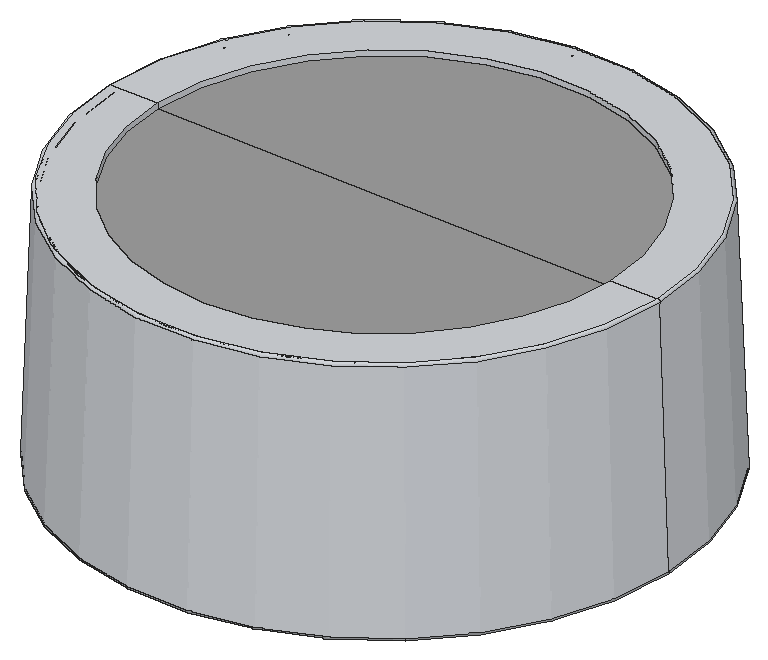
Revit family "0030446", category Lighting Fixtures, host Face, Revit 2017
Family settings
  Host = Face
  Round Connector Dimension = Use Diameter
  Part Type = Normal
  OmniClass Number = 23.80.70.00
  OmniClass Title = Lighting
  Cut with Voids When Loaded = No
  Light Source = Yes
  Shared = No
  Room Calculation Point = No
Parameters (values of type "0030446 ST DOWNLIGHT 220 1950LM 830 SURFACE")
  Weight = "6.416 kg"
  Wattage Comments = ""
  Wattage = 21 W
  WarrantyStartDate [instance] = "n/a"
  WarrantyGuarantorParts = "n/a"
  WarrantyDurationUnit = "n/a"
  WarrantyDurationParts = "n/a"
  WarrantyDescription = "n/a"
  built-in parameter 1150110 = 1 (stored number, unit not read)
  Voltage = 0 V
  URL = "http://www.sylvania-lighting.com"
  TypeName = "START Downlight 220 1950lm 830 Surface"
  Type Image = <None>
  Type Comments = "n/a"
  built-in parameter 1114217 = 1 (stored number, unit not read)
  Tilt Angle = -90.00°
  built-in parameter 1150109 = 1 (stored number, unit not read)
  built-in parameter 1150134 = (empty or 0)
  TOP_RAD_SYL = if([0_S_SYL], 79 mm, 106.5 mm)  # 106.5 mm
  built-in parameter 1150113 = 1 (stored number, unit not read)
  SerialNumber [instance] = "n/a"
  Photometric Web File = "0030446.ies"
  PLATE_THICKNESS_SYL = 2 mm
  Material_3_SYL = none
  PowerFactor = 0.9
  PowerConsumption = "21 W"
  NominalLength = 220 mm
  NominalHeight = 95 mm
  NominalDepth = 220 mm
  Name = "START Downlight 220 1950lm 830 Surface"
  ModelReference = Name  # "START Downlight 220 1950lm 830 Surface"
  ModelNumber = "0030446"
  Model = Name  # "START Downlight 220 1950lm 830 Surface"
  Material = "aluminium housing, pc polycarbonate diffuser"
  ManufacturerName = "Feilo Sylvania"
  Manufacturer = "Feilo Sylvania"
  LuminousEfficacy = "93 lm/W"
  built-in parameter 1150105 = 1089.6 (stored number, unit not read)
  Lumens = 1953 lm
  LuminaireType = ""
  built-in parameter 1150115 = 1 (stored number, unit not read)
  LightOutputRatio = "n/a"
  built-in parameter 1150137 = (empty or 0)
  built-in parameter 1150139 = (empty or 0)
  LampsType = Lamp  # "LED"
  LampNominalLuminous = "1950 lm"
  LampMacAdamStep = "5"
  LampColourTemperature = "3000 K"
  LampColourRenderingIndex = "80"
  built-in parameter 1150112 = 1 (stored number, unit not read)
  built-in parameter 1150114 = 1 (stored number, unit not read)
  Lamp = "LED"
  LUM_RAD_SYL = if([0_S_SYL], 40 mm, 53 mm)  # 53 mm
  LUM_H_SYL = if([0_S_SYL], 42 mm, 53.5 mm)  # 53.5 mm
  LUM_CHAMFER_SYL = 3.5 mm
  Keynote = "16500"
  InstallationDate [instance] = "n/a"
  InputVoltage = "n/a"
  InputNominalFrequency = "n/a"
  built-in parameter 1150132 = (empty or 0)
  built-in parameter 1150102 = (empty or 0)
  built-in parameter 1150107 = 3000 (stored number, unit not read)
  built-in parameter 1150138 = (empty or 0)
  IngressProtection = "IP20"
  ImpactProtectionIndex = "IK07"
  built-in parameter 1150106 = 10.896 (stored number, unit not read)
  IfcExportType = "IfcLightFixtureType"
  IfcExportAs = "IfcLightFixtureType"
  HEIGHT_SYL = 94 mm
  Emit from Circle Diameter = 609.6 mm
  Emit Shape Visible in Rendering = no
  ElectricShockClassification = "Class II"
  built-in parameter 1150104 = 8.64 (stored number, unit not read)
  DocumentationLiterature = "http://www.sylvania-lighting.com/product/en-int/products/0030446"
  DimmingControlOptions = "n/a"
  Material_2_SYL = none
  Dimming Lamp Color Temperature Shift = <None>
  Description = "Surface mounted LED downlight with diameter size of 220mm. Ideal replacement for 1x42W CFL downlights. The polycarbonate diffuser allows for a wider light distribution and increased spacings between luminiares. Loop in loop out connector allows for quick installation. Die-cast aluminium body, 1950LM, 21W, 98lm/W, 3000K, Driver Current: 600mA, CRI80, Non-dimmable LED driver, IP20, IK07, 50,000 hrs (L70), (HxW) 94x220mm, Class 2,  220-240V, energy class: A++, A+, A"
  Default Elevation = 1219.2 mm
  DIF_RAD_SYL = if([0_S_SYL], 60 mm, 87.5 mm)  # 87.5 mm
  CreatedOn = "12/12/2020"
  CreatedBy = "@sylvania-lighting.com"
  Cost = 0
  Color Filter = 16777215
  built-in parameter 1114216 [instance] = (empty or 0)
  ClassificationValue = "EF_70_80"
  ClassificationName = "Uniclass2015"
  Material_1_SYL = Default
  BarCode [instance] = "n/a"
  built-in parameter 1114218 = 1 (stored number, unit not read)
  BOTTOM_RAD_SYL = if([0_S_SYL], 81.8 mm, 110 mm)  # 110 mm
  BOTTOM_RAD2_SYL = BOTTOM_RAD_SYL - 2 mm  # 108 mm
  built-in parameter 1150133 = 10 (stored number, unit not read)
  AssetType = "Fixed"
  AssetIdentifier [instance] = "n/a"
  Assembly Code = "D5020200"
  Apparent Load = 21 VA
  Material_4_SYL = none
  0_S_SYL = no
  0_M_SYL = yes
Types (4, lengths in mm): name | Weight | Wattage | TypeName | built-in parameter 1150134 | TOP_RAD_SYL | Photometric Web File | PowerConsumption | NominalLength | NominalDepth | Name | ModelReference | ModelNumber | Model | LuminousEfficacy | built-in parameter 1150105 | Lumens | LampNominalLuminous | LampColourTemperature | LUM_RAD_SYL | LUM_H_SYL | built-in parameter 1150107 | built-in parameter 1150106 | built-in parameter 1150104 | DocumentationLiterature | Description | DIF_RAD_SYL | BOTTOM_RAD_SYL | BOTTOM_RAD2_SYL | Apparent Load | 0_S_SYL | 0_M_SYL
  0030447 ST DOWNLIGHT 220 2025LM 840 SURFACE | "6.416 kg" | 21 W | "START Downlight 220 2025lm 840 Surface" | 12 | 106.5 | "0030447.ies" | "21 W" | 220 | 220 | "START Downlight 220 2025lm 840 Surface" | "START Downlight 220 2025lm 840 Surface" | "0030447" | "START Downlight 220 2025lm 840 Surface" | "96 lm/W" | 1110.3 (stored number, unit not read) | 2016 lm | "2025 lm" | "4000 K" | 53 | 53.5 | 4000 (stored number, unit not read) | 11.103 (stored number, unit not read) | 8.9187 (stored number, unit not read) | "http://www.sylvania-lighting.com/product/en-int/products/0030447" | "Surface mounted LED downlight with diameter size of 220mm. Ideal replacement for 1x42W CFL downlights. The polycarbonate diffuser allows for a wider light distribution and increased spacings between luminiares. Loop in loop out connector allows for quick installation. Die-cast aluminium body, 2025LM, 21W, 101lm/W, 4000K, Driver Current: 600mA, CRI80, Non-dimmable LED driver, IP20, IK07, 50,000 hrs (L70), (HxW) 94x220mm, Class 2,  220-240V, energy class: A++, A+, A" | 87.5 | 110 | 108 | 21 VA | no | yes
  0030446 ST DOWNLIGHT 220 1950LM 830 SURFACE | "6.416 kg" | 21 W | "START Downlight 220 1950lm 830 Surface" | (empty or 0) | 106.5 | "0030446.ies" | "21 W" | 220 | 220 | "START Downlight 220 1950lm 830 Surface" | "START Downlight 220 1950lm 830 Surface" | "0030446" | "START Downlight 220 1950lm 830 Surface" | "93 lm/W" | 1089.6 (stored number, unit not read) | 1953 lm | "1950 lm" | "3000 K" | 53 | 53.5 | 3000 (stored number, unit not read) | 10.896 (stored number, unit not read) | 8.64 (stored number, unit not read) | "http://www.sylvania-lighting.com/product/en-int/products/0030446" | "Surface mounted LED downlight with diameter size of 220mm. Ideal replacement for 1x42W CFL downlights. The polycarbonate diffuser allows for a wider light distribution and increased spacings between luminiares. Loop in loop out connector allows for quick installation. Die-cast aluminium body, 1950LM, 21W, 98lm/W, 3000K, Driver Current: 600mA, CRI80, Non-dimmable LED driver, IP20, IK07, 50,000 hrs (L70), (HxW) 94x220mm, Class 2,  220-240V, energy class: A++, A+, A" | 87.5 | 110 | 108 | 21 VA | no | yes
  0030445 ST DOWNLIGHT 165 1175LM 840 SURFACE | "7.02 kg" | 12 W | "START Downlight 165 1175lm 840 Surface" | 12 | 79 | "0030445.ies" | "12 W" | 165 | 165 | "START Downlight 165 1175lm 840 Surface" | "START Downlight 165 1175lm 840 Surface" | "0030445" | "START Downlight 165 1175lm 840 Surface" | "98 lm/W" | 654.45 (stored number, unit not read) | 1176 lm | "1175 lm" | "4000 K" | 40 | 42 | 4000 (stored number, unit not read) | 6.5445 (stored number, unit not read) | 9.1045 (stored number, unit not read) | "http://www.sylvania-lighting.com/product/en-int/products/0030445" | "Surface mounted LED downlight with diameter size of 165mm. Ideal replacement for 1x26W CFL downlights. The polycarbonate diffuser allows for a wider light distribution and increased spacings between luminiares. Loop in loop out connector allows for quick installation. Die-cast aluminium body, 1175LM, 12W, 98lm/W, 4000K, Driver Current: 290mA, CRI80, Non-dimmable LED driver, IP20, IK07, 50,000 hrs (L70), (HxW) 94x165mm, Class 2,  220-240V, energy class: A++, A+, A" | 60 | 81.8 | 79.8 | 12 VA | yes | no
  0030444 ST DOWNLIGHT 165 1100LM 830 SURFACE | "7.02 kg" | 12 W | "START Downlight 165 1100lm 830 Surface" | (empty or 0) | 79 | "0030444.ies" | "12 W" | 165 | 165 | "START Downlight 165 1100lm 830 Surface" | "START Downlight 165 1100lm 830 Surface" | "0030444" | "START Downlight 165 1100lm 830 Surface" | "92 lm/W" | 614.16 (stored number, unit not read) | 1104 lm | "1100 lm" | "3000 K" | 40 | 42 | 3000 (stored number, unit not read) | 6.1416 (stored number, unit not read) | 8.5471 (stored number, unit not read) | "http://www.sylvania-lighting.com/product/en-int/products/0030444" | "Surface mounted LED downlight with diameter size of 165mm. Ideal replacement for 1x26W CFL downlights. The polycarbonate diffuser allows for a wider light distribution and increased spacings between luminiares. Loop in loop out connector allows for quick installation. Die-cast aluminium body, 1100LM, 12W, 92lm/W, 3000K, Driver Current: 290mA, CRI80, Non-dimmable LED driver, IP20, IK07, 50,000 hrs (L70), (HxW) 94x165mm, Class 2,  220-240V, energy class: A++, A+, A" | 60 | 81.8 | 79.8 | 12 VA | yes | no
Reference planes
  plane 1 "Center (Front/Back)": y = 0
  plane 2: z = 0
  plane 3 "Center (Left/Right)": x = 0
  plane 4: x = 106.5
  plane 5: x = -79
  plane 6: x = 110
  plane 7: x = -81.8
  plane 8: z = 2
  plane 9: z = -92
  plane 10: x = -87.5
  plane 11: x = 87.5
  plane 12: x = 108
  plane 13: x = -79.8
  plane 14: x = -53
  plane 15: x = 40
  plane 16: z = -3.5
  plane 17: z = -53.5
Forms (mm)
  Revolve 1, solid
    sketch origin (0, 0, 0) x (1, 0, 0) y (0, 0, 1)
      loop
        line (87.5, 2) -> (87.5, 0) -> (103.589, 0)
        arc (103.589, 0) -> (104.283, -0.28) -> (104.588, -0.963) r 1
        line (104.588, -0.963) -> (108, -92) -> (108.97, -92)
        arc (108.97, -92) -> (109.69, -91.694) -> (109.969, -90.963) r 1
        line (109.969, -90.963) -> (106.529, 1.037)
        arc (106.529, 1.037) -> (106.223, 1.72) -> (105.529, 2) r 1
        line (105.529, 2) -> (87.5, 2)
      axis (0, -92) -> (0, 2)
    angle from 360 to 0
  Revolve 2, solid, material "Default" <- "Material_1_SYL"
    sketch origin (0, 0, 0) x (1, 0, 0) y (0, 0, 1)
      loop
        line (-87.5, 0) -> (-87.5, -3.5)
        arc (-87.5, -3.5) -> (-78.038, -33.874) -> (-53, -53.5) r 53.482
        line (-53, -53.5) -> (0, -53.5) -> (0, 0) -> (-87.5, 0)
      axis (0, -53.5) -> (0, 0)
    angle from 360 to 0
Dimensions and locks
  "BOTTOM_RAD_SYL": plane 6 to plane 3 "Center (Left/Right)"
  "TOP_RAD_SYL": plane 4 to plane 3 "Center (Left/Right)"
  "DIF_RAD_SYL": plane 11 to plane 3 "Center (Left/Right)"
  "HEIGHT_SYL": plane 8 to plane 9
  "PLATE_THICKNESS_SYL": plane 8 to host face
  "BOTTOM_RAD2_SYL": plane 3 "Center (Left/Right)" to plane 12
  "LUM_RAD_SYL": plane 3 "Center (Left/Right)" to plane 14
  "LUM_CHAMFER_SYL": host face to plane 16
  "LUM_H_SYL": host face to plane 17
  "DIF_RAD_SYL": plane 3 "Center (Left/Right)" to plane 10
  aligned and locked: plane 2 to host face
  aligned and locked: level to host face
Automatic sketch dimensions
  host sketch curve to host sketch curve = 2438.4 mm  (x2)
  Revolve 1 sketch curve to plane 3 "Center (Left/Right)" = 0 mm
  Revolve 1 sketch curve to plane 8 = 0 mm
  Revolve 1 sketch curve to plane 11 = 0 mm
  Revolve 1 sketch curve to level = 0 mm
  Revolve 1 sketch curve to plane 9 = 0 mm
  plane 12 to Revolve 1 sketch curve = 0 mm
  Revolve 1 sketch curve to level = 1 mm
  Revolve 1 sketch curve to plane 4 = 2.911 mm
  Revolve 1 sketch curve to plane 4 = 0.971 mm
  plane 4 to Revolve 1 sketch curve = 0.029 mm
  Revolve 1 sketch curve to plane 6 = 0.031 mm
  Revolve 1 sketch curve to Revolve 1 sketch curve = 1 mm
  plane 9 to Revolve 1 sketch curve = 212.8 mm
  Revolve 1 sketch curve to plane 8 = 302.8 mm
  Revolve 2 sketch curve to plane 10 = 0 mm
  Revolve 2 sketch curve to plane 14 = 0 mm
  Revolve 2 sketch curve to plane 16 = 0 mm
  Revolve 2 sketch curve to plane 3 "Center (Left/Right)" = 0 mm  (x2)
  Revolve 2 sketch curve to plane 17 = 0 mm
  Revolve 2 sketch curve to level = 0 mm
  plane 9 to Revolve 2 sketch curve = 212.8 mm
  Revolve 2 sketch curve to plane 8 = 302.8 mm
